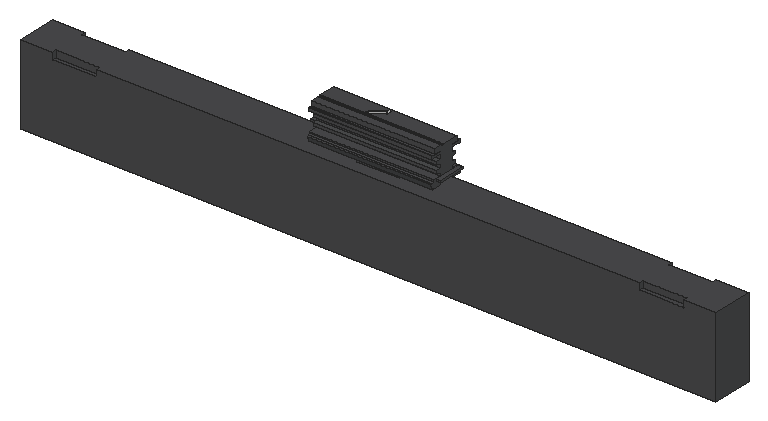
Revit family "STRIPE SINGLE HEAD RAIL 646_DTM30U6.6.90", category Luminarias, Revit 2019
Family settings
  Cota de conector redondo = Diámetro de uso
  Tipo de pieza = Normal
  Se basa en plano de trabajo = Sí
  Siempre vertical = Sí
  Corte con vacíos al cargar = No
  Origen de luz = Sí
  Compartido = No
  Punto de cálculo de habitación = No
Parameters (values of type "STRIPE SINGLE HEAD RAIL 646_DTM30U6.6.90")
  Ángulo de inclinación = 60.00°
  Ángulo de enfoque = 90.00°
  Ángulo de campo de foco = 90.00°
  Zone [instance] = ""
  Watt per fixture = 30
  Wattage = 30 W
  built-in parameter 1150107 = 2700 (stored number, unit not read)
  built-in parameter 1150110 = 1 (stored number, unit not read)
  built-in parameter 1150109 = 1 (stored number, unit not read)
  built-in parameter 1150112 = 1 (stored number, unit not read)
  built-in parameter 1150113 = 1 (stored number, unit not read)
  built-in parameter 1114218 = 1 (stored number, unit not read)
  Keynote = ""
  built-in parameter 1150137 = (empty or 0)
  built-in parameter 1150132 = (empty or 0)
  Modelo = "DTM30U6.6.90"
  Lámpara = "2835SMD SAMSUNG"
  Light Source Symbol Length = 3048 mm
  built-in parameter 1150105 = 1817 (stored number, unit not read)
  built-in parameter 1150102 = (empty or 0)
  built-in parameter 1150106 = 18.17 (stored number, unit not read)
  Lumens = 2460 lm
  Color Filter = 16777215
  built-in parameter 1114217 = 1 (stored number, unit not read)
  built-in parameter 1150139 = (empty or 0)
  Fabricante = "BRILLANT"
  Default Elevation = 1219.2 mm
  built-in parameter 1150104 = 7.618 (stored number, unit not read)
  Descripción = "LUMINARIA DOWNLIGHT EN FORMATO RECTANGULAR COMPATIBLE CON RIEL DE 6 ENTRADAS Y 3 CIRCUITOS CON CABEZAL PARA PODER DIRIGIR LA LUMINARIA HASTA 30 GRADOS, CUERPO DE ALUMINIO ACABADO EN COLOR NEGRO, IP 20, PESO 1.44Kg, TIPO DE LED 2835SMD SAMSUNG CON 30W TOTAL, 2200 LUMENES, 82LM/W, IRC 90, TEMPERATURA EN BLANCO CALIDO 2700K, 50 MIL HORAS DE VIDA PROMEDIO, APERTURA DE 90 GRADOS EN STOCK, ALIMENTADO A 90-240V"
  built-in parameter 1150115 = 1 (stored number, unit not read)
  built-in parameter 1150114 = 1 (stored number, unit not read)
  Comentarios de vataje = "90-240V"
  built-in parameter 1150138 = (empty or 0)
  built-in parameter 1150134 = (empty or 0)
  Circuit [instance] = ""
  Dimming Lamp Color Temperature Shift = (empty or 0)
  Longitud de símbolo de origen de luz = 3048 mm
Reference planes
  plane 1 "Centro (Frontal/Posterior)": y = 0
  plane 2: z = 0
  plane 3 "Centro (Izquierda/Derecha)": x = 0
Forms (mm)
  Extrusion 1, solid, material "Default Form"
    sketch origin (0, 0, 0) x (1, 0, 0) y (0, 0, 1)
      loop
        line (-313, 0) -> (-313, -72) -> (313, -72) -> (313, 0) -> (-313, 0)
    from -18.326 to 18.326
  Blend 2, void
    base sketch origin (0, 0, 0) x (1, 0, 0) y (0, 1, 0)
      loop
        line (-309.14, 16.149) -> (-309.14, -16.149) -> (309.14, -16.149) -> (309.14, 16.149) -> (-309.14, 16.149)
    top sketch origin (0, 0, 0) x (1, 0, 0) y (0, 1, 0)
      loop
        line (-304.14, 12.149) -> (-304.14, -12.149) -> (304.14, -12.149) -> (304.14, 12.149) -> (-304.14, 12.149)
    from -72 to -61.591
  Extrusion 3, solid, material "Default Form"
    sketch origin (-55.628, 0, 7.5) x (0, 1, 0) y (0, 0, 1)
      loop
        line (-7.273, 1.74) -> (7.273, 1.74) -> (7.273, 0) -> (15.231, 0) -> (17.006, 4.494) -> (15.021, 4.494) -> (14.058, 5.868) -> (14.058, 7.166) -> (6.473, 7.166) -> (6.473, 9.324) -> (10.169, 10.163) -> (10.169, 12.464) -> (6.473, 13.302) -> (6.473, 16.66) -> (10.169, 17.499) -> (10.169, 19.8) -> (6.473, 20.638) -> (6.473, 25.016) -> (13.839, 25.016) -> (14.514, 24.341) -> (15.775, 24.341) -> (15.775, 27.171) -> (14.73, 27.171) -> (14.058, 26.499) -> (6.473, 26.499) -> (6.473, 27.299) -> (12.377, 27.299) -> (12.377, 31.471) -> (-2.744, 31.471) -> (-2.744, 30.671) -> (-5.514, 30.671) -> (-5.514, 31.471) -> (-12.377, 31.471) -> (-12.377, 27.299) -> (-6.473, 27.299) -> (-6.473, 26.499) -> (-14.058, 26.499) -> (-14.73, 27.171) -> (-15.775, 27.171) -> (-15.775, 24.341) -> (-14.514, 24.341) -> (-13.839, 25.016) -> (-6.473, 25.016) -> (-6.473, 20.638) -> (-10.169, 19.8) -> (-10.169, 17.499) -> (-6.473, 16.66) -> (-6.473, 13.302) -> (-10.169, 12.464) -> (-10.169, 10.163) -> (-6.473, 9.324) -> (-6.473, 7.166) -> (-14.058, 7.166) -> (-14.058, 5.868) -> (-15.021, 4.494) -> (-17.006, 4.494) -> (-15.231, 0) -> (-7.273, 0) -> (-7.273, 1.74)
    from 0 to 111.256
  Extrusion 4, solid, material "Default Form"
    sketch origin (0, 0, 0) x (1, 0, 0) y (0, 1, 0)
      loop
        line (-19.12, 6.873) -> (-19.12, -6.873) -> (19.12, -6.873) -> (19.12, 6.873) -> (-19.12, 6.873)
    from 0 to 2.67
  Extrusion 5, solid, material "Default Form"
    sketch origin (0, 0, 0) x (1, 0, 0) y (0, 1, 0)
      loop
        line (-10.93, 3.188) -> (-10.93, -3.188) -> (10.93, -3.188) -> (10.93, 3.188) -> (-10.93, 3.188)
    from 2.67 to 7.5
  Extrusion 6, void
    sketch origin (0, 0, 0) x (1, 0, 0) y (0, 1, 0)
      loop
        line (-244.42, 18.326) -> (-284.14, 18.326) -> (-284.14, 14.276) -> (-244.42, 14.276) -> (-244.42, 18.326)
      loop
        line (-284.14, -18.326) -> (-244.42, -18.326) -> (-244.42, -14.276) -> (-284.14, -14.276) -> (-284.14, -18.326)
      loop
        line (244.42, 18.326) -> (244.42, 14.276) -> (284.14, 14.276) -> (284.14, 18.326) -> (244.42, 18.326)
      loop
        line (284.14, -18.326) -> (284.14, -14.276) -> (244.42, -14.276) -> (244.42, -18.326) -> (284.14, -18.326)
    from -6.015 to 0
  Extrusion 7, solid, material "Acero Inoxidable"
    sketch origin (0, -1.594, 0) x (1, 0, 0) y (0, 0, -1)
      loop
        line (-15, -38.971) -> (3.794, -45.811) -> (4.341, -44.308) -> (3.589, -44.034) -> (3.316, -44.786) -> (-12.661, -38.971) -> (-15, -38.971)
    from 0 to 3.188
  Extrusion 8, solid, material "Default Form"
    sketch origin (0, 0, 0) x (1, 0, 0) y (0, 1, 0)
      loop
        line (-55.628, 6.473) -> (-66.331, 6.473) -> (-66.331, 0) -> (-55.628, 0) -> (-55.628, 6.473)
      loop
        line (55.628, 12.377) -> (55.628, -12.149) -> (60.628, -12.149) -> (60.628, 12.377) -> (55.628, 12.377)
    from 13.368 to 15
  Extrusion 9, solid, material "Cristal"
    sketch origin (0, 0, 0) x (1, 0, 0) y (0, 1, 0)
      loop
        line (-309.14, 16.149) -> (-309.14, -16.149) -> (309.14, -16.149) -> (309.14, 16.149) -> (-309.14, 16.149)
    from -72 to -70.547
Cuts and joins
  Blend 2, Extrusion 6 cuts Extrusion 1
Dimensions and locks
  equal spacing: Extrusion 1, plane 1 "Centro (Frontal/Posterior)", Extrusion 1
  Extrusion 1 to plane 1 "Centro (Frontal/Posterior)" = 18.326 mm
  Extrusion 1 to Extrusion 1 = 36.651 mm
  Extrusion 1 to Extrusion 1 = 72 mm
  Extrusion 1 to Extrusion 1 = 626 mm
  cut or joined group of Extrusion 1, Blend 2, Extrusion 6 to cut or joined group of Extrusion 1, Blend 2, Extrusion 6 = 72 mm
  cut or joined group of Extrusion 1, Blend 2, Extrusion 6 to cut or joined group of Extrusion 1, Blend 2, Extrusion 6 = 36.651 mm
  cut or joined group of Extrusion 1, Blend 2, Extrusion 6 to cut or joined group of Extrusion 1, Blend 2, Extrusion 6 = 626 mm
  equal spacing: cut or joined group of Extrusion 1, Blend 2, Extrusion 6, plane 1 "Centro (Frontal/Posterior)", cut or joined group of Extrusion 1, Blend 2, Extrusion 6
  cut or joined group of Extrusion 1, Blend 2, Extrusion 6 to cut or joined group of Extrusion 1, Blend 2, Extrusion 6 = 28.86 mm
  aligned and locked: level to plane 2
  aligned and locked: Extrusion 5 to Extrusion 3
  aligned and locked: Extrusion 5 to Extrusion 4
  aligned and locked: Extrusion 9 to cut or joined group of Extrusion 1, Blend 2, Extrusion 6  (x2)
Automatic sketch dimensions
  plane 1 "Centro (Frontal/Posterior)" to Extrusion 3 sketch curve = 17.006 mm
  plane 1 "Centro (Frontal/Posterior)" to Extrusion 3 sketch curve = 15.775 mm
  level to Extrusion 3 sketch curve = 7.5 mm  (x2)
  Extrusion 3 sketch curve to Extrusion 3 sketch curve = 1.775 mm
  Extrusion 3 sketch curve to Extrusion 3 sketch curve = 1.985 mm  (x2)
  Extrusion 3 sketch curve to Extrusion 3 sketch curve = 1.045 mm
  Extrusion 3 sketch curve to Extrusion 3 sketch curve = 1.261 mm  (x2)
  Extrusion 3 sketch curve to Extrusion 3 sketch curve = 0.963 mm  (x2)
  Extrusion 3 sketch curve to Extrusion 3 sketch curve = 0.672 mm  (x4)
  Extrusion 3 sketch curve to Extrusion 3 sketch curve = 0.675 mm  (x3)
  Extrusion 3 sketch curve to Extrusion 3 sketch curve = 2.354 mm
  Extrusion 3 sketch curve to Extrusion 3 sketch curve = 4.345 mm
  Extrusion 3 sketch curve to Extrusion 3 sketch curve = 3.89 mm  (x2)
  plane 1 "Centro (Frontal/Posterior)" to Extrusion 3 sketch curve = 7.273 mm
  Extrusion 3 sketch curve to Extrusion 3 sketch curve = 3.696 mm  (x4)
  Extrusion 3 sketch curve to Extrusion 3 sketch curve = 5.904 mm  (x2)
  Extrusion 3 sketch curve to Extrusion 3 sketch curve = 0 mm  (x3)
  Extrusion 3 sketch curve to Extrusion 3 sketch curve = 0.959 mm
  plane 1 "Centro (Frontal/Posterior)" to Extrusion 3 sketch curve = 2.744 mm
  Extrusion 3 sketch curve to plane 1 "Centro (Frontal/Posterior)" = 6.473 mm  (x2)
  Extrusion 3 sketch curve to Extrusion 3 sketch curve = 0.8 mm  (x3)
  Extrusion 3 sketch curve to Extrusion 3 sketch curve = 1.462 mm
  Extrusion 3 sketch curve to Extrusion 3 sketch curve = 0.22 mm
  Extrusion 3 sketch curve to Extrusion 3 sketch curve = 0.21 mm
  Extrusion 3 sketch curve to Extrusion 3 sketch curve = 1.74 mm
  Extrusion 3 sketch curve to Extrusion 3 sketch curve = 4.494 mm  (x2)
  Extrusion 3 sketch curve to Extrusion 3 sketch curve = 1.375 mm  (x2)
  Extrusion 3 sketch curve to Extrusion 3 sketch curve = 5.426 mm  (x2)
  Extrusion 3 sketch curve to Extrusion 3 sketch curve = 2.158 mm  (x2)
  Extrusion 3 sketch curve to Extrusion 3 sketch curve = 0.839 mm  (x8)
  Extrusion 3 sketch curve to Extrusion 3 sketch curve = 2.301 mm  (x4)
  Extrusion 3 sketch curve to Extrusion 3 sketch curve = 3.358 mm  (x2)
  Extrusion 3 sketch curve to Extrusion 3 sketch curve = 4.541 mm  (x2)
  Extrusion 3 sketch curve to Extrusion 3 sketch curve = 4.378 mm
  Extrusion 3 sketch curve to Extrusion 3 sketch curve = 1.483 mm  (x2)
  Extrusion 3 sketch curve to Extrusion 3 sketch curve = 3.372 mm
  Extrusion 3 sketch curve to Extrusion 3 sketch curve = 4.172 mm  (x2)
  plane 1 "Centro (Frontal/Posterior)" to Extrusion 4 sketch curve = 6.873 mm
  Extrusion 4 sketch curve to plane 3 "Centro (Izquierda/Derecha)" = 19.12 mm
  plane 3 "Centro (Izquierda/Derecha)" to Extrusion 4 sketch curve = 19.12 mm
  Extrusion 4 sketch curve to plane 1 "Centro (Frontal/Posterior)" = 6.873 mm
  plane 1 "Centro (Frontal/Posterior)" to Extrusion 5 sketch curve = 3.188 mm
  Extrusion 5 sketch curve to plane 3 "Centro (Izquierda/Derecha)" = 10.93 mm
  plane 3 "Centro (Izquierda/Derecha)" to Extrusion 5 sketch curve = 10.93 mm
  Extrusion 5 sketch curve to plane 1 "Centro (Frontal/Posterior)" = 3.188 mm
  Extrusion 7 sketch curve to plane 3 "Centro (Izquierda/Derecha)" = 15 mm
  Extrusion 7 sketch curve to Extrusion 7 sketch curve = 2.339 mm
  plane 3 "Centro (Izquierda/Derecha)" to Extrusion 7 sketch curve = 3.316 mm
  Extrusion 7 sketch curve to Extrusion 7 sketch curve = 0.274 mm
  Extrusion 7 sketch curve to Extrusion 7 sketch curve = 0.478 mm
  Extrusion 7 sketch curve to Extrusion 7 sketch curve = 0.752 mm
  level to Extrusion 7 sketch curve = 45.811 mm
  plane 1 "Centro (Frontal/Posterior)" to Extrusion 8 sketch curve = 0 mm
  Extrusion 8 sketch curve to plane 1 "Centro (Frontal/Posterior)" = 6.473 mm
  Extrusion 8 sketch curve to plane 3 "Centro (Izquierda/Derecha)" = 66.331 mm
  Extrusion 8 sketch curve to Extrusion 8 sketch curve = 10.703 mm
  Extrusion 8 sketch curve to plane 1 "Centro (Frontal/Posterior)" = 12.377 mm
  plane 3 "Centro (Izquierda/Derecha)" to Extrusion 8 sketch curve = 55.628 mm
  Extrusion 8 sketch curve to Extrusion 8 sketch curve = 5 mm
  plane 1 "Centro (Frontal/Posterior)" to Extrusion 8 sketch curve = 12.149 mm
  plane 1 "Centro (Frontal/Posterior)" to Extrusion 9 sketch curve = 16.149 mm
  Extrusion 9 sketch curve to plane 3 "Centro (Izquierda/Derecha)" = 309.14 mm
  plane 3 "Centro (Izquierda/Derecha)" to Extrusion 9 sketch curve = 309.14 mm
  Extrusion 9 sketch curve to plane 1 "Centro (Frontal/Posterior)" = 16.149 mm
  Extrusion 1 sketch curve to level = 0 mm
  Extrusion 1 sketch curve to plane 3 "Centro (Izquierda/Derecha)" = 313 mm
  plane 3 "Centro (Izquierda/Derecha)" to Extrusion 1 sketch curve = 313 mm
  Extrusion 1 sketch curve to level = 72 mm
  plane 1 "Centro (Frontal/Posterior)" to Extrusion 6 sketch curve = 18.326 mm  (x2)
  Extrusion 6 sketch curve to plane 3 "Centro (Izquierda/Derecha)" = 284.14 mm
  Extrusion 6 sketch curve to Extrusion 6 sketch curve = 0 mm  (x4)
  Extrusion 6 sketch curve to Extrusion 6 sketch curve = 39.72 mm  (x2)
  Extrusion 6 sketch curve to plane 1 "Centro (Frontal/Posterior)" = 18.326 mm
  plane 3 "Centro (Izquierda/Derecha)" to Extrusion 6 sketch curve = 244.42 mm
  Extrusion 6 sketch curve to Extrusion 6 sketch curve = 4.049 mm  (x4)
  Extrusion 6 sketch curve to plane 1 "Centro (Frontal/Posterior)" = 14.276 mm
  Blend 2 sketch curve to plane 1 "Centro (Frontal/Posterior)" = 16.149 mm
  Blend 2 sketch curve to plane 3 "Centro (Izquierda/Derecha)" = 309.14 mm
  plane 1 "Centro (Frontal/Posterior)" to Blend 2 sketch curve = 16.149 mm
  plane 3 "Centro (Izquierda/Derecha)" to Blend 2 sketch curve = 309.14 mm
  Blend 2 sketch curve to plane 1 "Centro (Frontal/Posterior)" = 12.149 mm
  Blend 2 sketch curve to plane 3 "Centro (Izquierda/Derecha)" = 304.14 mm
  plane 1 "Centro (Frontal/Posterior)" to Blend 2 sketch curve = 12.149 mm
  plane 3 "Centro (Izquierda/Derecha)" to Blend 2 sketch curve = 304.14 mm
Connectors
  electrical at (-13.4, 0, 0)
    settings: on cut or joined group of Extrusion 1, Blend 2, Extrusion 6, index 1, voltage 240 V, apparent load 0 VA, apparent load phase1 0 VA, apparent load phase2 0 VA, apparent load phase3 0 VA, power factor 1, load classification "Otro", number of poles 1, system type 31, power factor state 1, is connector primary yes, connector utility no, sub classification motor no, connector description ""
